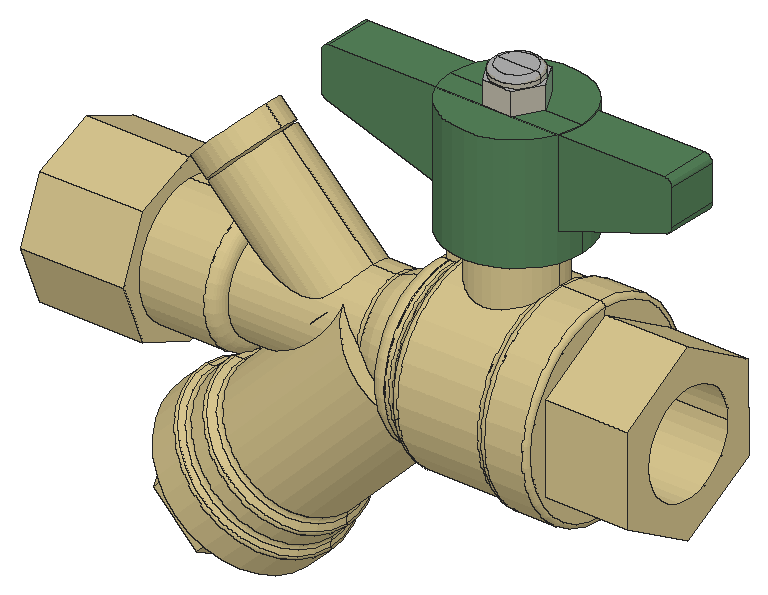
Revit family "QD36220000", category Apparecchi idraulici, Revit 2020
Family settings
  Quota connettore circolare = Usa diametro
  Tipo di parte = Normale
  Numero OmniClass = 23.45.00.00
  Titolo OmniClass = Sanitary, Laundry, and Cleaning Equipment
  Basato su piano di lavoro = No
  Sempre verticale = Sì
  Taglio con vuoti quando caricato = No
  Condiviso = No
  Punto di calcolo locali = No
Parameters
  URL = "https://web.cimberio.it/index.php/figura/1687?subcategoria_id=89"
  Temperatura di esercizio = "-20 ÷ 90°C"
  Prospetto di default = 0 mm
  Produttore = "CIMBERIO SPA"
  Pressione nominale = "PN 16"
  Modello = "Cim 622CRNL"
  Materiale = "Prodotto in lega di ottone conforme alla norma EN 12165-CW617N-DW"
  Descrizione = "Impiegato nei più svariati settori dell'impiantistica in condutture anti-ritorno per: reti di distribuzione acqua potabile, impianti di riscaldamento, condizionamento, igienico-sanitari e in generale con ogni fluido non corrosivo."
  DN Model [instance] = QD36221020 : QD36221020
  DN [instance] = 20 mm
  Commenti sul tipo = "Realizzato in ottemperanza ai requisiti gestionali della norma EN ISO 9001.\r\nCollaudato al 100% secondo la normativa EN 12266-1"
Reference planes
  plane 1 "Centro (Fronte/Retro)": y = 0
  plane 2: z = 0
  plane 3 "Centro (Sinistra/Destra)": x = 0
Dimensions and locks
  aligned and locked: level to plane 2
Nested families
  nested 1: "QD36221020" at (0, 0, 0), type <- "DN Model", type "QD36221020"
    with DN 10 mm
  nested 2: "QD36221020" at (0, 0, 0), type <- "DN Model", type "QD36221020"
    with DN 10 mm
  nested 3: "QD36221020" at (0, 0, 0), type <- "DN Model", type "QD36221020"
    with DN 10 mm
  nested 4: "QD36221020" at (0, 0, 0), type <- "DN Model", type "QD36221020"
    with DN 10 mm
  nested 5: "QD36221020" at (0, 0, 0), type <- "DN Model", type "QD36221020"
    with DN 10 mm
  nested 6: "QD36221020" at (0, 0, 0), type <- "DN Model", type "QD36221020"
    with DN 10 mm
Connectors
  piping at (-86, 0, 0), diameter 20, driven by "DN"
    settings: on nested 1, index 1, connector inside diameter 609.6 mm, connector length 0 mm, flow factor 0, pipe flow 0.0 L/s, pressure drop 0.0 Pa, fitting loss kfactor 0, connector angle 0.00°, fixture units 0, engagement length 0 mm, angle of deflection 0.00°, flow configuration 0, flow direction 0, fitting loss method 0, system type 7, joint type 0, gender type 0, connector reference index -1, connector utility 0, adjustable connector no, is connector primary yes, connector description ""
  piping at (34.216, 0, 0), diameter 20, driven by "DN"
    settings: on nested 1, index 2, connector inside diameter 609.6 mm, connector length 0 mm, flow factor 0, pipe flow 0.0 L/s, pressure drop 0.0 Pa, fitting loss kfactor 0, connector angle 0.00°, fixture units 0, engagement length 0 mm, angle of deflection 0.00°, flow configuration 0, flow direction 0, fitting loss method 0, system type 7, joint type 0, gender type 0, connector reference index -1, connector utility 0, adjustable connector no, is connector primary no, connector description ""
Definition of nested family "QD36221020"
  Parameters (values of type "QD36221020")
    Default Elevation = 0 mm
    DN [instance] = 10 mm  # constant formula
  Reference planes
    plane 1 "Centro (Fronte/Retro)": y = 0
    plane 2: z = 0
    plane 3 "Centro (Sinistra/Destra)": x = 0
  Forms (mm)
    Revolve 1, solid
      sketch origin (0, 0, 4.284) x (1, 0, 0) y (0, 0, 1)
        loop
          line (0, 51.8) -> (0, 50.016) -> (4.75, 50.016) -> (4.75, 50.8)
          arc (4.75, 50.8) -> (4.457, 51.507) -> (3.75, 51.8) r 1
          line (3.75, 51.8) -> (0, 51.8)
        axis (0, 51.8) -> (0, 50.016)
      angle from 0 to 360
    Revolve 2, solid
      sketch origin (0, 0, 0) x (1, 0, 0) y (0, 0, 1)
        loop
          line (17.6, -10) -> (-13.503, -10) -> (-13.503, -16.25) -> (-12.621, -16.25)
          arc (-12.621, -16.25) -> (-12.047, -16.364) -> (-11.561, -16.689) r 1.5
          line (-11.561, -16.689) -> (-10.189, -18.061)
          arc (-10.189, -18.061) -> (-9.703, -18.386) -> (-9.129, -18.5) r 1.5
          line (-9.129, -18.5) -> (6.882, -18.5)
          arc (6.882, -18.5) -> (7.494, -18.631) -> (8, -19) r 1.5
          arc (8, -19) -> (8.506, -19.369) -> (9.118, -19.5) r 1.5
          line (9.118, -19.5) -> (16.6, -19.5)
          arc (16.6, -19.5) -> (17.307, -19.207) -> (17.6, -18.5) r 1
          line (17.6, -18.5) -> (17.6, -10)
        axis (17.6, 0) -> (-13.503, 0)
      angle from 0 to 360
    Revolve 3, solid
      sketch origin (0, 0, 0) x (1, 0, 0) y (0, 0, 1)
        loop
          arc (-17.691, 11.916) -> (-20.511, 11.34) -> (-23.169, 10.235) r 15
          arc (-23.169, 10.235) -> (-23.625, 10.06) -> (-24.11, 10) r 2
          line (-24.11, 10) -> (-49.808, 10)
          arc (-49.808, 10) -> (-50.454, 11.928) -> (-52.314, 12.75) r 2.517
          line (-52.314, 12.75) -> (-65.412, 12.75) -> (-65.412, 9) -> (-13.495, 9) -> (-13.495, 16.146)
          arc (-13.495, 16.146) -> (-15.614, 15.818) -> (-16.7, 13.968) r 2.5
          line (-16.7, 13.968) -> (-16.8, 12.824)
          arc (-16.8, 12.824) -> (-17.082, 12.21) -> (-17.691, 11.916) r 1
        axis (-65.412, 0) -> (-13.495, 0)
      angle from 0 to 360
    Extrusion 4, solid
      sketch origin (-11, 0, 0) x (0, 0, 1) y (0, 1, 0)
        loop
          circle (0, 0) r 10
        loop
          line (16.5, 0) -> (11.667, 11.667) -> (0, 16.5) -> (-11.667, 11.667) -> (-16.5, 0) -> (-11.667, -11.667) -> (0, -16.5) -> (11.667, -11.667) -> (16.5, 0)
      from 54.412 to 75
    Extrusion 5, solid
      sketch origin (66.912, 0, 0) x (0, 0, 1) y (0, 1, 0)
        loop
          circle (0, 0) r 10
        loop
          line (17.35, 0) -> (8.675, 15.026) -> (-8.675, 15.026) -> (-17.35, 0) -> (-8.675, -15.026) -> (8.675, -15.026) -> (17.35, 0)
      from 32.696 to 49.312
    Revolve 6, solid
      sketch origin (0, 0, 4.062) x (1, 0, 0) y (0, 0, 1)
        loop
          line (0, 33.394) -> (0, 10.626) -> (8.486, 10.626) -> (8.486, 33.394) -> (0, 33.394)
        axis (0, 33.394) -> (0, 10.626)
      angle from 0 to 360
    Extrusion 7, solid
      sketch origin (0, 0, 4.062) x (1, 0, 0) y (0, 0, 1)
        loop
          line (-8.5, 27.278) -> (-14, 27.278) -> (-14, 10.666) -> (-8.5, 10.666) -> (-8.5, 27.278)
      from -1.851 to 0
    Revolve 8, solid
      sketch origin (0, 0, 0) x (1, 0, 0) y (0, 0, 1)
        loop
          line (-52.6, 21.793) -> (-33.184, 2.378) -> (-27.27, 8.291) -> (-46.686, 27.707) -> (-52.6, 21.793)
        axis (-52.6, 21.793) -> (-33.184, 2.378)
      angle from 0 to 360
    Revolve 9, solid
      sketch origin (0, 0, 0) x (1, 0, 0) y (0, 0, 1)
        loop
          line (-54.133, -36.133) -> (-41.759, -48.508) -> (-37.463, -44.211)
          arc (-37.463, -44.211) -> (-37.246, -43.887) -> (-37.17, -43.504) r 1
          line (-37.17, -43.504) -> (-37.17, -42.418)
          arc (-37.17, -42.418) -> (-37.055, -41.844) -> (-36.73, -41.358) r 1.5
          line (-36.73, -41.358) -> (-34.281, -38.908)
          arc (-34.281, -38.908) -> (-34.064, -38.584) -> (-33.988, -38.201) r 1
          line (-33.988, -38.201) -> (-33.988, -36.762)
          arc (-33.988, -36.762) -> (-33.874, -36.188) -> (-33.548, -35.701) r 1.5
          line (-33.548, -35.701) -> (-10.068, -12.22) -> (-20.144, -2.144) -> (-54.133, -36.133)
        axis (-54.133, -36.133) -> (-20.144, -2.144)
      angle from 0 to 360
    Extrusion 10, solid
      sketch origin (-52.6, 0, 21.793) x (0.707107, 0, 0.707107) y (0, 1, 0)
        loop
          circle (0, 0) r 8.363
      from 0.5 to 5
    Extrusion 11, solid
      sketch origin (-54.133, 0, -36.133) x (0, 1, 0) y (0.707107, 0, -0.707107)
        loop
          line (0, -12.25) -> (10.609, -6.125) -> (10.609, 6.125) -> (0, 12.25) -> (-10.609, 6.125) -> (-10.609, -6.125) -> (0, -12.25)
      from 0 to 8
    Revolve 12, solid
      sketch origin (0, 0, 0) x (1, 0, 0) y (0, 0, 1)
        loop
          line (1.616, 26.8) -> (13.15, 26.8) -> (13.15, 49.8) -> (0.016, 49.8) -> (0.016, 32.8) -> (1.616, 32.8) -> (1.616, 26.8)
        axis (0.016, 49.8) -> (0.016, 26.8)
      angle from 0 to 360
    Extrusion 13, solid
      sketch origin (0, 0, 0) x (1, 0, 0) y (0, 0, 1)
        loop
          line (33.516, 49.8) -> (-33.484, 49.8)
          arc (-33.484, 49.8) -> (-34.545, 49.361) -> (-34.984, 48.3) r 1.5
          line (-34.984, 48.3) -> (-34.984, 41.227)
          arc (-34.984, 41.227) -> (-34.698, 40.345) -> (-33.948, 39.8) r 1.5
          line (-33.948, 39.8) -> (-12.404, 32.8) -> (12.436, 32.8) -> (33.979, 39.8)
          arc (33.979, 39.8) -> (34.729, 40.345) -> (35.016, 41.227) r 1.5
          line (35.016, 41.227) -> (35.016, 48.3)
          arc (35.016, 48.3) -> (34.577, 49.361) -> (33.516, 49.8) r 1.5
      from -5 to 5
    Extrusion 14, solid
      sketch origin (0, 0, 28.55) x (1, 0, 0) y (0, 1, 0)
        loop
          line (-5.775, 0) -> (-2.887, -5.001) -> (2.887, -5.001) -> (5.775, 0) -> (2.887, 5.001) -> (-2.887, 5.001) -> (-5.775, 0)
      from 21.25 to 25.75
  Dimensions and locks
    aligned and locked: level to plane 2
